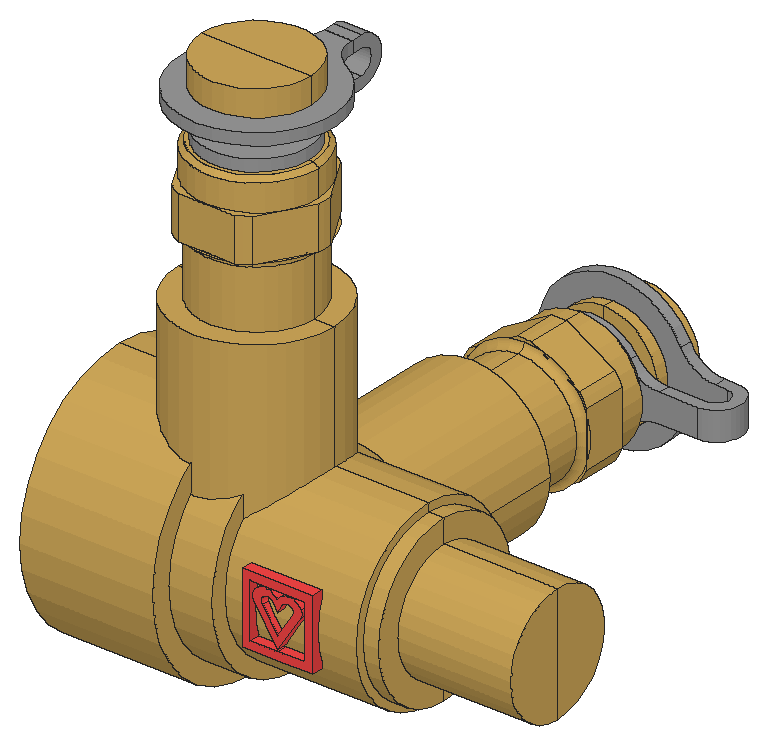
Revit family "Messblende 4000_LF_MF", category Rohrzubehör, Revit 2020
Family settings
  Bemaßung runder Anschluss = Durchmesser verwenden
  Teiletyp = Unterbricht
  OmniClass-Nummer = 23.65.55.14
  OmniClass-Titel = Valves for Liquid Services
  Arbeitsebenenbasiert = Nein
  Immer vertikal = Ja
  Beim Laden mit Abzugskörper schneiden = Nein
  Gemeinsam genutzt = Nein
Parameters (values of type "LF")
  kvs-Wert [instance] = if(and(LF, Nennweite = 15.00 mm), 0.55, if(and(MF, Nennweite = 15.00 mm), 1.1, 0))  # 0.55
  Vorgabe-Ansicht = 0.00 mm
  Verwendung = "HERZ-Messblenden werden in die Strangleitungen von Warmwasser- Zentralheizungsanlagen sowie Kühlanlagen eingebaut und ermöglichen den hydraulischen Abgleich der Strangleitungen untereinander.\r\nDer Einsatz der Messblenden ist im Vorlauf als auch im Rücklauf möglich.\r\nSie werden entweder eng gekoppelt an ein HERZ- Strangregulierventil installiert, um ein komplettes Set zu bilden oder in Verbindung mit einer HERZ Absperrarmatur eingesetzt.\r\nDie Einregulierung des Stranges wird durch Einstellen des Strangregulierventiles während der Druckverlustmessung an der Messblende vorgenommen."
  URL = "www.herz-armaturen.at"
  SCRNSEQ = "AWI;AWI_TYP=\"1001\";02"
  SCRNCODE = "02;01;02"  # constant formula
  S03 = 10.00 mm  # constant formula
  S02 [instance] = S01 - 10.00 mm  # 17.50 mm
  S01 [instance] = H01  # 27.50 mm
  R01 [instance] = 10.00 mm  # constant formula
  Nennweite [instance] = 15.00 mm  # constant formula
  Min. Betriebstemperatur = -20 °C  # constant formula
  Messventile = "Messing, CW602N"  # constant formula
  Medium = "Heizungswasserqualität nach ÖNORM H 5195 oder VDI-Richtline 2035.\r\nDie Verwendung von Ethylen- oder Propylenglykol in einem Mischungsverhältnis 25 - 50 Vol.-% ist zulässig."
  Max. Betriebstemperatur (bis DN32) = 130 °C  # constant formula
  Max. Betriebstemperatur (ab DN40) = 110 °C  # constant formula
  Max. Betriebsdruck = 2000000.0 Pa  # constant formula
  MF = no
  LO01 [instance] = 30.00 mm  # constant formula
  LF = yes
  L05 [instance] = 23.00 mm  # constant formula
  L04 [instance] = 16.50 mm  # constant formula
  L03 [instance] = 22.60 mm  # constant formula
  L02 [instance] = 17.00 mm  # constant formula
  L01 [instance] = 17.50 mm  # constant formula
  L00 [instance] = 56.00 mm  # constant formula
  IG [instance] = Nennweite / 2  # 7.50 mm
  Hersteller = "HERZ Armaturen Ges.m.b.H."  # constant formula
  H01 [instance] = 27.50 mm  # constant formula
  Gehäuse = "Messing, CC770S"  # constant formula
  GT1 [instance] = 14.50 mm  # constant formula
  GT [instance] = 13.00 mm  # constant formula
  D04 [instance] = D03 - 1.00 mm  # 10.50 mm
  D03 [instance] = 11.50 mm  # constant formula
  D02 [instance] = 13.50 mm  # constant formula
  D01 [instance] = 16.00 mm  # constant formula
  Bestellnummer [instance] = if(and(LF, Nennweite = 15.00 mm), 1400011, if(and(MF, Nennweite = 15.00 mm), 1400021, 0))  # 1400011
  Ausführung = "Die Messblende aus entzinkungsbeständigem Messing besitzt zwei Messventile. Gemäß EN 10226 hat der Eingang ein Innengewinde Rp und der Ausgang ein Außengewinde R."
  AG [instance] = Nennweite / 2  # 7.50 mm
Types (3, lengths in mm): name | kvs-Wert | MF | LF | Bestellnummer
  (no name) | 0.55 | no | yes | 1400011
  LF | 0.55 | no | yes | 1400011
  MF | 1.1 | yes | no | 1400021
Reference planes
  plane 1 "Mitte (Vorne/hinten)": y = 0
  plane 2: z = 0
  plane 3 "Mitte (Links/rechts)": x = 0
Forms (mm)
  Revolve 1, solid, material "Messing, weicher Gelbton, geschweißt", detail levels fine
    sketch origin (0, 0, 0) x (1, 0, 0) y (0, 0, 1)
      loop
        line (-4.5, 0) -> (38.5, 0) -> (38.5, 7.5) -> (24, 7.5) -> (24, 10.5) -> (22, 10.5) -> (22, 11.5) -> (5.1, 11.5) -> (5.1, 13.5) -> (-0.5, 13.5) -> (-0.5, 16) -> (-17.5, 16) -> (-17.5, 7.5) -> (-4.5, 7.5) -> (-4.5, 0)
      axis (-17.5, 0) -> (38.5, 0)
    angle from 0 to 360
  Revolve 2, solid, material "Messing, weicher Gelbton, geschweißt", detail levels fine
    sketch origin (0, 0, 0) x (1, 0, 0) y (0, 0, 1)
      loop
        line (-10, 7.5) -> (0, 7.5) -> (0, 27.5) -> (-10, 27.5) -> (-10, 7.5)
      axis (0, 27.5) -> (0, 7.5)
    angle from 0 to 360
  Revolve 3, solid, material "Messing, weicher Gelbton, geschweißt", detail levels fine
    sketch origin (0, 0, 0) x (1, 0, 0) y (0, 1, 0)
      loop
        line (5.5, 7.5) -> (15.5, 7.5) -> (15.5, 27.5) -> (5.5, 27.5) -> (5.5, 7.5)
      axis (5.5, 27.5) -> (5.5, 7.5)
    angle from 0 to 360
Lines and regions (mm)
  model lines, detail levels coarse+medium
    curve 1: line (-17.5, 0, 0) -> (0.5, 0, 0)
    curve 2: line (10.5, 0, -27.5) -> (10.5, 0, 27.5)
    curve 3: line (20.5, 0, 17.5) -> (20.5, 0, -17.5)
    curve 4: line (20.5, 0, 0) -> (38.5, 0, 0)
    curve 5: line (0.5, 0, 17.5) -> (0.5, 0, -17.5)
    curve 6: line (-17.5, 0, 0) -> (0.5, 0, 0)
    curve 7: line (10.5, 27.5, 0) -> (10.5, -27.5, 0)
    curve 8: line (0.5, 17.5, 0) -> (0.5, -17.5, 0)
    curve 9: line (20.5, 17.5, 0) -> (20.5, -17.5, 0)
    curve 10: line (20.5, 0, 0) -> (38.5, 0, 0)
Dimensions and locks
  "L00": Revolve 1 sketch curve to Revolve 1 sketch curve
  "GT": Revolve 1 sketch curve to Revolve 1 sketch curve
  "L01": plane 3 "Mitte (Links/rechts)" to Revolve 1 sketch curve
  "GT1": Revolve 1 sketch curve to Revolve 1 sketch curve
  "L02": Revolve 1 sketch curve to Revolve 1 sketch curve
  "L03": Revolve 1 sketch curve to Revolve 1 sketch curve
  "L04": Revolve 1 sketch curve to Revolve 1 sketch curve
  "AG": Revolve 1 sketch curve to plane 2
  "IG": Revolve 1 sketch curve to plane 2
  "D01": Revolve 1 sketch curve to plane 2
  "D02": Revolve 1 sketch curve to plane 2
  "D03": Revolve 1 sketch curve to plane 2
  "D04": Revolve 1 sketch curve to plane 2
  "D03": nested 1 to plane 1 "Mitte (Vorne/hinten)"
  "LO01": Revolve 1 to nested 1
  "IG": Revolve 2 sketch curve to plane 2
  "H01": Revolve 2 sketch curve to plane 2
  "R01": plane 3 "Mitte (Links/rechts)" to Revolve 2 sketch curve
  "H01": nested 2 to plane 2
  "IG": plane 1 "Mitte (Vorne/hinten)" to Revolve 3 sketch curve
  "H01": plane 1 "Mitte (Vorne/hinten)" to Revolve 3 sketch curve
  "R01": Revolve 3 sketch curve to Revolve 3 sketch curve
  "L05": Revolve 1 to Revolve 3 sketch curve  (x2)
  "H01": plane 1 "Mitte (Vorne/hinten)" to nested 3
  "L05": Revolve 1 to nested 3
  "L01": Revolve 1 to nested 2
  "S01": curve 2 to curve 4 to curve 2
  "L00": curve 1 to curve 4
  "S02": curve 3 to curve 4 to curve 3
  "S03": curve 2 to curve 3
  "S03": curve 2 to curve 5
  equal spacing: curve 4, curve 2, curve 1
  "S02": curve 5 to curve 1 to curve 5
  "L01": plane 3 "Mitte (Links/rechts)" to curve 1
  "L00": curve 6 to curve 10
  equal spacing: curve 6, curve 7, curve 10
  "S03": curve 8 to curve 7 to curve 9
  "S02": curve 9 to curve 10 to curve 9
  "S02": curve 8 to curve 6 to curve 8
  "S01": curve 7 to curve 10 to curve 7
  "L01": curve 6 to plane 3 "Mitte (Links/rechts)"
  aligned and locked: level to plane 2
Automatic sketch dimensions
  curve 4 to level = 0.00 mm
  curve 1 to level = 0.00 mm
  plane 1 "Mitte (Vorne/hinten)" to curve 10 = 0.00 mm
  plane 1 "Mitte (Vorne/hinten)" to curve 6 = 0.00 mm
  Revolve 1 sketch curve to level = 0.00 mm  (x2)
  Revolve 1 sketch curve to Revolve 1 sketch curve = 1489.03 mm
  Revolve 1 sketch curve to Revolve 1 sketch curve = 1800.648 mm
  Revolve 2 sketch curve to plane 3 "Mitte (Links/rechts)" = 0.00 mm  (x2)
  Revolve 2 sketch curve to level = 366.045 mm
  Revolve 2 sketch curve to Revolve 2 sketch curve = 2186.815 mm
  Revolve 3 sketch curve to Revolve 3 sketch curve = 0.00 mm  (x2)
Nested families
  nested 1: "Herz-Logo-vorne" at (12.5, -11.5, 0) x (0, 1, 0) z (0, 0, 1), type "Herz-Logo-vorne", detail levels fine
  nested 2: "Messstutzen_Band_Eintritt_senkrecht_(oben)" at (0, 0, 18.5), type "Messstutzen_Band_Eintritt_senkrecht_(oben)", detail levels fine
    with Schutzkappe yes, Nennweite 0.00 mm, Gewicht 0.00 kg, Bestellnummer 0
  nested 3: "Messstutzen_Band_Austritt_waagrecht" at (5.5, 18.5, 0) x (0, -1, 0) z (0, 0, 1), type "Messstutzen_Band_Austritt_waagrecht", detail levels fine
    with Schutzkappe yes, Nennweite 0.00 mm, Gewicht 0.00 kg, Bestellnummer 0
Connectors
  piping at (-4.5, 0, 0), diameter 15, driven by "Nennweite"
    settings: on Revolve 1, index 1, connector inside diameter 609.6 mm, connector length 0.00 mm, flow factor 0, pipe flow 0.0 L/s, pressure drop 0.0 Pa, fitting loss kfactor 0, connector angle 0.00°, fixture units 0, engagement length 0.00 mm, angle of deflection 0.00°, flow configuration 0, flow direction 1, fitting loss method 0, system type 29, joint type 0, gender type 0, connector reference index -1, connector utility 0, adjustable connector no, is connector primary yes, connector description ""
  piping at (38.5, 0, 0), diameter 15, driven by "Nennweite"
    settings: on Revolve 1, index 2, connector inside diameter 609.6 mm, connector length 0.00 mm, flow factor 0, pipe flow 0.0 L/s, pressure drop 0.0 Pa, fitting loss kfactor 0, connector angle 0.00°, fixture units 0, engagement length 0.00 mm, angle of deflection 0.00°, flow configuration 0, flow direction 2, fitting loss method 0, system type 29, joint type 0, gender type 0, connector reference index -1, connector utility 0, adjustable connector no, is connector primary no, connector description ""
Definition of nested family "Herz-Logo-vorne"
  Parameters (values of type "Herz-Logo-vorne")
    Default Elevation = 0.00 mm
  Reference planes
    plane 1 "Mitte (Vorne/hinten)": y = 0
    plane 2: z = 0
    plane 3 "Mitte (Links/rechts)": x = 0
  Forms (mm)
    Extrusion 1, solid
      sketch origin (0.732, -0.018, 0.017) x (0, -1, 0) y (0, 0, 1)
        loop
          line (-0.018, -4.517) -> (4.482, -4.517) -> (4.482, 4.483) -> (-4.518, 4.483) -> (-4.518, -4.517) -> (-0.018, -4.517)
        loop
          line (-0.05, -3.48) -> (3.482, -3.48) -> (3.482, 3.483) -> (-3.518, 3.483) -> (-3.518, -3.48) -> (-0.05, -3.48)
        loop
          arc (-0.018, 2.383) -> (-1.543, 3.287) -> (-3.067, 2.383) r 1.738
          arc (-3.067, 2.383) -> (-3.191, 1.899) -> (-3.067, 1.415) r 1.009
          line (-3.067, 1.415) -> (-0.018, -3.281) -> (3.032, 1.415)
          arc (3.032, 1.415) -> (3.156, 1.899) -> (3.032, 2.383) r 1.009
          arc (3.032, 2.383) -> (1.507, 3.287) -> (-0.018, 2.383) r 1.738
        loop
          arc (1.885, 1.272) -> (2.005, 1.675) -> (1.885, 2.079) r 0.74
          arc (1.885, 2.079) -> (1.265, 2.416) -> (0.644, 2.079) r 0.74
          line (0.644, 2.079) -> (-0.018, 0.97) -> (-0.679, 2.079)
          arc (-0.679, 2.079) -> (-1.3, 2.416) -> (-1.921, 2.079) r 0.74
          arc (-1.921, 2.079) -> (-2.04, 1.675) -> (-1.921, 1.272) r 0.74
          line (-1.921, 1.272) -> (-0.018, -1.658) -> (1.885, 1.272)
      from 0 to 1.5
  Dimensions and locks
    aligned and locked: level to plane 2
Definition of nested family "Messstutzen_Band_Eintritt_senkrecht_(oben)"
  Parameters (values of type "Messstutzen_Band_Eintritt_senkrecht_(oben)")
    Default Elevation = 0.00 mm
    URL = "www.herz-armaturen.at"
    Schutzkappe [instance] = yes
    Nennweite [instance] = 0.00 mm
    Manufacturer = "Herz Armaturen GmbH"  # constant formula
    Gewicht [instance] = 0.00 kg
    Bestellnummer [instance] = 0
  Reference planes
    plane 1 "Mitte (Vorne/hinten)": y = 0
    plane 2: z = 0
    plane 3 "Mitte (Links/rechts)": x = 0
    plane 4 "Schlaufe 1": z = -27
    plane 5 "Schlaufe 2": z = -31.678
  Forms (mm)
    Revolve 1, solid, detail levels fine
      sketch origin (0, 0, 0) x (1, 0, 0) y (0, 0, 1)
        loop
          line (-7.4, 9) -> (-5.55, 9) -> (-5.55, 6)
          arc (-5.55, 6) -> (-5.626, 5.617) -> (-5.843, 5.293) r 1
          line (-5.843, 5.293) -> (-6.455, 4.681) -> (-6.455, 0.9) -> (-5.555, 0) -> (-2, 0) -> (-2, 17.5) -> (-8.4, 17.5)
          arc (-8.4, 17.5) -> (-7.693, 17.207) -> (-7.4, 16.5) r 1
          line (-7.4, 16.5) -> (-7.4, 9)
        loop
          line (-3.7, 27) -> (-7.3, 27) -> (-7.9, 26.4) -> (-7.9, 23) -> (-2, 23) -> (-2, 35.8) -> (-3.805, 35.8) -> (-4.415, 35.19) -> (-4.415, 30.863) -> (-3.7, 30.45) -> (-3.7, 27)
        axis (0, 0) -> (0, 35.8)
      angle from 0 to 360
    Extrusion 2, solid, detail levels fine
      sketch origin (0, 0, 17.5) x (0, 1, 0) y (-1, 0, 0)
        loop
          arc (-7.07, 5.156) -> (-7.578, 4.375) -> (-8, 3.544) r 8.75
          line (-8, 3.544) -> (-8, -3.544)
          arc (-8, -3.544) -> (-7.578, -4.375) -> (-7.07, -5.156) r 8.75
          line (-7.07, -5.156) -> (-0.93, -8.7)
          arc (-0.93, -8.7) -> (0, -8.75) -> (0.93, -8.7) r 8.75
          line (0.93, -8.7) -> (7.07, -5.156)
          arc (7.07, -5.156) -> (7.578, -4.375) -> (8, -3.544) r 8.75
          line (8, -3.544) -> (8, 3.544)
          arc (8, 3.544) -> (7.578, 4.375) -> (7.07, 5.156) r 8.75
          line (7.07, 5.156) -> (0.93, 8.7)
          arc (0.93, 8.7) -> (0, 8.75) -> (-0.93, 8.7) r 8.75
          line (-0.93, 8.7) -> (-7.07, 5.156)
      from 0 to 5.5
    Revolve 3, solid, visible <- "Schutzkappe", detail levels fine
      sketch origin (0, 0, 0) x (1, 0, 0) y (0, 0, 1)
        loop
          line (0, 35.878) -> (0, 36.678) -> (-7, 36.678) -> (-7, 33.378) -> (-6.1, 33.378) -> (-6.1, 31.678) -> (-6.9, 31.678) -> (-6.9, 30.178) -> (-4.415, 30.178) -> (-4.415, 35.268) -> (-3.805, 35.878) -> (0, 35.878)
        axis (0, 30.178) -> (0, 36.678)
      angle from 0 to 360
    Extrusion 4, solid, detail levels fine
      sketch origin (0, 0, 28.5) x (1, 0, 0) y (0, 1, 0)
        loop
          circle (0, 0) r 3.7
        loop
          arc (-3.906, 5.505) -> (0, -6.75) -> (3.906, 5.505) r 6.75
          arc (3.906, 5.505) -> (2.358, 7.288) -> (1.8, 9.582) r 5
          line (1.8, 9.582) -> (-1.8, 9.582)
          arc (-1.8, 9.582) -> (-2.358, 7.288) -> (-3.906, 5.505) r 5
      from 0 to -1.5
    Extrusion 5, solid, detail levels fine
      sketch origin (0, 0, 33.178) x (1, 0, 0) y (0, 1, 0)
        loop
          circle (0, 0) r 6.1
        loop
          arc (-4.495, 8.652) -> (0, -9.75) -> (4.495, 8.652) r 9.75
          arc (4.495, 8.652) -> (2.527, 10.493) -> (1.8, 13.089) r 5
          line (1.8, 13.089) -> (-1.8, 13.089)
          arc (-1.8, 13.089) -> (-2.527, 10.493) -> (-4.495, 8.652) r 5
      from 0 to -1.5
    Sweep 6, solid, detail levels fine
      path origin (0, 0, 0) x (0, 0, -1) y (0, -1, 0)
        loop
          line (-27.75, -9.582) -> (-27.75, -14.522)
          arc (-27.75, -14.522) -> (-30.089, -16.862) -> (-32.428, -14.522) r 2.339
          line (-32.428, -14.522) -> (-32.428, -13.089)
      profile origin (0, 12.052, 27.75) x (0, 0, 1) y (1, 0, 0)
        loop
          line (-0.75, -1.8) -> (0.75, -1.8) -> (0.75, 1.8) -> (-0.75, 1.8) -> (-0.75, -1.8)
  Dimensions and locks
    aligned and locked: level to plane 2
Definition of nested family "Messstutzen_Band_Austritt_waagrecht"
  Parameters (values of type "Messstutzen_Band_Austritt_waagrecht")
    Default Elevation = 0.00 mm
    URL = "www.herz-armaturen.at"
    Schutzkappe [instance] = yes
    Nennweite [instance] = 0.00 mm
    Manufacturer = "Herz Armaturen GmbH"  # constant formula
    Gewicht [instance] = 0.00 kg
    Bestellnummer [instance] = 0
  Reference planes
    plane 1 "Mitte (Vorne/hinten)": y = 0
    plane 2: z = 0
    plane 3 "Mitte (Links/rechts)": x = 0
  Forms (mm)
    Revolve 1, solid, detail levels fine
      sketch origin (0, 0, 0) x (0, 0, -1) y (1, 0, 0)
        loop
          line (-7.4, -9) -> (-7.4, -16.5)
          arc (-7.4, -16.5) -> (-7.693, -17.207) -> (-8.4, -17.5) r 1
          line (-8.4, -17.5) -> (-2, -17.5) -> (-2, 0) -> (-5.555, 0) -> (-6.455, -0.9) -> (-6.455, -4.681) -> (-5.843, -5.293)
          arc (-5.843, -5.293) -> (-5.626, -5.617) -> (-5.55, -6) r 1
          line (-5.55, -6) -> (-5.55, -9) -> (-7.4, -9)
        loop
          line (-3.7, -27) -> (-3.7, -30.45) -> (-4.415, -30.863) -> (-4.415, -35.19) -> (-3.805, -35.8) -> (-2, -35.8) -> (-2, -23) -> (-7.9, -23) -> (-7.9, -26.4) -> (-7.3, -27) -> (-3.7, -27)
        axis (0, 0) -> (0, -35.8)
      angle from 0 to 360
    Extrusion 2, solid, detail levels fine
      sketch origin (-17.5, 0, 0) x (0, 0, 1) y (0, 1, 0)
        loop
          line (5.156, -7.07) -> (8.7, -0.93)
          arc (8.7, -0.93) -> (8.75, 0) -> (8.7, 0.93) r 8.75
          line (8.7, 0.93) -> (5.156, 7.07)
          arc (5.156, 7.07) -> (4.375, 7.578) -> (3.544, 8) r 8.75
          line (3.544, 8) -> (-3.544, 8)
          arc (-3.544, 8) -> (-4.375, 7.578) -> (-5.156, 7.07) r 8.75
          line (-5.156, 7.07) -> (-8.7, 0.93)
          arc (-8.7, 0.93) -> (-8.75, 0) -> (-8.7, -0.93) r 8.75
          line (-8.7, -0.93) -> (-5.156, -7.07)
          arc (-5.156, -7.07) -> (-4.375, -7.578) -> (-3.544, -8) r 8.75
          line (-3.544, -8) -> (3.544, -8)
          arc (3.544, -8) -> (4.375, -7.578) -> (5.156, -7.07) r 8.75
      from 0 to 5.5
    Revolve 3, solid, visible <- "Schutzkappe", detail levels fine
      sketch origin (0, 0, 0) x (0, 0, -1) y (1, 0, 0)
        loop
          line (0, -35.878) -> (-3.805, -35.878) -> (-4.415, -35.268) -> (-4.415, -30.178) -> (-6.9, -30.178) -> (-6.9, -31.678) -> (-6.1, -31.678) -> (-6.1, -33.378) -> (-7, -33.378) -> (-7, -36.678) -> (0, -36.678) -> (0, -35.878)
        axis (0, -30.178) -> (0, -36.678)
      angle from 0 to 360
    Extrusion 4, solid, detail levels fine
      sketch origin (-27, 0, 0) x (0, 1, 0) y (0, 0, 1)
        loop
          circle (0, 0) r 3.7
        loop
          arc (5.505, 3.906) -> (-6.75, 0) -> (5.505, -3.906) r 6.75
          arc (5.505, -3.906) -> (7.288, -2.358) -> (9.582, -1.8) r 5
          line (9.582, -1.8) -> (9.582, 1.8)
          arc (9.582, 1.8) -> (7.288, 2.358) -> (5.505, 3.906) r 5
      from 0 to -1.5
    Extrusion 5, solid, detail levels fine
      sketch origin (-31.678, 0, 0) x (0, 1, 0) y (0, 0, 1)
        loop
          circle (0, 0) r 6.1
        loop
          arc (8.652, 4.495) -> (-9.75, 0) -> (8.652, -4.495) r 9.75
          arc (8.652, -4.495) -> (10.493, -2.527) -> (13.089, -1.8) r 5
          line (13.089, -1.8) -> (13.089, 1.8)
          arc (13.089, 1.8) -> (10.493, 2.527) -> (8.652, 4.495) r 5
      from 0 to -1.5
    Sweep 6, solid, detail levels fine
      path origin (0, 0, 0) x (0, -1, 0) y (1, 0, 0)
        loop
          line (-9.582, -27.75) -> (-14.522, -27.75)
          arc (-14.522, -27.75) -> (-16.862, -30.089) -> (-14.522, -32.428) r 2.339
          line (-14.522, -32.428) -> (-13.089, -32.428)
      profile origin (-27.75, 12.052, 0) x (-1, 0, 0) y (0, 0, 1)
        loop
          line (-0.75, 1.8) -> (-0.75, -1.8) -> (0.75, -1.8) -> (0.75, 1.8) -> (-0.75, 1.8)
  Cuts and joins
    joined: Extrusion 4, Extrusion 5, Sweep 6
  Dimensions and locks
    aligned and locked: level to plane 2
